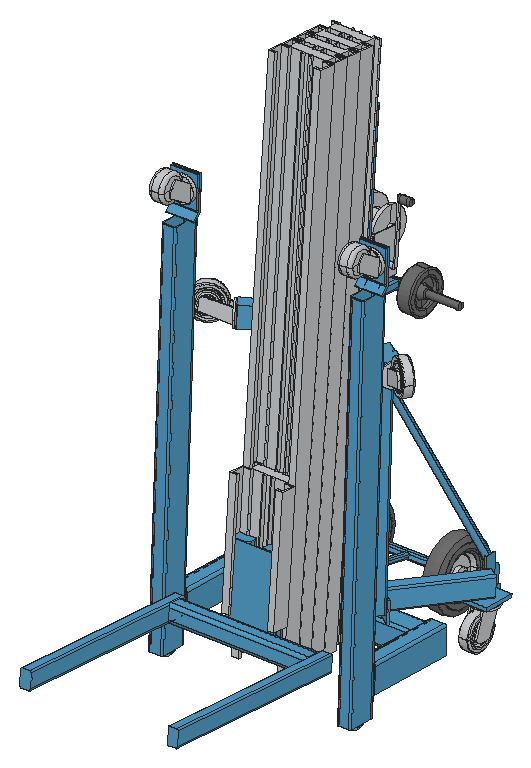
Revit family "Genie_Site_MaterialLifts_SLA25a", category Site, Revit 2018 (continued)
Definition of nested family "MainFrame"
  Automatic sketch dimensions
    Extrusion 16 sketch curve to plane 6 = 76.454 mm
    Extrusion 16 sketch curve to Extrusion 16 sketch curve = 32.937 mm
    Extrusion 16 sketch curve to Extrusion 16 sketch curve = 0.844 mm
    Extrusion 16 sketch curve to Extrusion 16 sketch curve = 25.396 mm
    Extrusion 16 sketch curve to plane 6 = 7.874 mm
    Extrusion 16 sketch curve to plane 9 = 53.038 mm
    Extrusion 16 sketch curve to Extrusion 16 sketch curve = 33.47 mm
    Extrusion 16 sketch curve to Extrusion 16 sketch curve = 0.451 mm
    plane 6 to Extrusion 17 sketch curve = 19.05 mm  (x2)
    plane 5 to Extrusion 17 sketch curve = 44.438 mm
    Extrusion 17 sketch curve to plane 5 = 57.162 mm
    Extrusion 17 sketch curve to plane 4 = 57.162 mm
    plane 4 to Extrusion 17 sketch curve = 44.438 mm
    Extrusion 17 sketch curve to plane 6 = 95.25 mm  (x2)
    plane 9 to Revolve 18 sketch curve = 1.772 mm
    Revolve 18 sketch curve to plane 6 = 85.725 mm
    Revolve 18 sketch curve to Revolve 18 sketch curve = 3.00 mm
    Revolve 18 sketch curve to plane 6 = 38.075 mm
    Revolve 18 sketch curve to Revolve 18 sketch curve = 6.35 mm  (x2)
    Revolve 18 sketch curve to Revolve 18 sketch curve = 0.00 mm
    Revolve 18 sketch curve to Revolve 18 sketch curve = 3.324 mm
    Revolve 18 sketch curve to plane 8 = 0.646 mm
    plane 9 to Revolve 19 sketch curve = 1.772 mm
    Revolve 19 sketch curve to plane 6 = 85.725 mm
    Revolve 19 sketch curve to Revolve 19 sketch curve = 3.00 mm
    Revolve 19 sketch curve to plane 6 = 38.075 mm
    Revolve 19 sketch curve to Revolve 19 sketch curve = 6.35 mm
    Revolve 19 sketch curve to Revolve 19 sketch curve = 12.70 mm
    Revolve 19 sketch curve to Revolve 19 sketch curve = 0.00 mm
    Revolve 19 sketch curve to Revolve 19 sketch curve = 3.324 mm
    Revolve 19 sketch curve to plane 8 = 0.646 mm
    Revolve 20 sketch curve to plane 4 = 23.164 mm
    Revolve 20 sketch curve to plane 6 = 134.733 mm
    plane 4 to Revolve 20 sketch curve = 10.441 mm
    Revolve 20 sketch curve to Revolve 20 sketch curve = 0.00 mm  (x3)
    Revolve 20 sketch curve to Revolve 20 sketch curve = 0.427 mm  (x2)
    plane 4 to Revolve 20 sketch curve = 12.688 mm  (x2)
    Revolve 20 sketch curve to Revolve 20 sketch curve = 10.273 mm  (x2)
    Revolve 20 sketch curve to Revolve 20 sketch curve = 6.114 mm  (x2)
    Revolve 20 sketch curve to Revolve 20 sketch curve = 1.503 mm  (x2)
    Revolve 20 sketch curve to Revolve 20 sketch curve = 6.30 mm  (x2)
    Revolve 20 sketch curve to plane 4 = 0.012 mm
    Revolve 20 sketch curve to Revolve 20 sketch curve = 6.486 mm  (x2)
    Revolve 20 sketch curve to Revolve 20 sketch curve = 6.266 mm  (x2)
    Revolve 20 sketch curve to Revolve 20 sketch curve = 1.50 mm  (x2)
    Revolve 20 sketch curve to Revolve 20 sketch curve = 22.50 mm
    Revolve 20 sketch curve to plane 6 = 5.877 mm
    Revolve 20 sketch curve to Revolve 20 sketch curve = 1.954 mm  (x2)
    Revolve 20 sketch curve to plane 4 = 6.362 mm
    Revolve 20 sketch curve to Revolve 20 sketch curve = 12.70 mm
    Revolve 20 sketch curve to Revolve 20 sketch curve = 4.897 mm
    Revolve 20 sketch curve to Revolve 20 sketch curve = 4.934 mm
    Revolve 20 sketch curve to Revolve 20 sketch curve = 5.00 mm
    Revolve 20 sketch curve to Revolve 20 sketch curve = 25.353 mm
    Revolve 21 sketch curve to plane 5 = 23.164 mm
    Revolve 21 sketch curve to plane 6 = 134.733 mm
    plane 5 to Revolve 21 sketch curve = 10.441 mm
    Revolve 21 sketch curve to Revolve 21 sketch curve = 0.00 mm  (x3)
    Revolve 21 sketch curve to Revolve 21 sketch curve = 0.427 mm  (x2)
    plane 5 to Revolve 21 sketch curve = 12.688 mm
    Revolve 21 sketch curve to Revolve 21 sketch curve = 10.273 mm  (x2)
    Revolve 21 sketch curve to Revolve 21 sketch curve = 6.114 mm  (x2)
    Revolve 21 sketch curve to Revolve 21 sketch curve = 1.503 mm  (x2)
    Revolve 21 sketch curve to Revolve 21 sketch curve = 6.30 mm  (x2)
    Revolve 21 sketch curve to plane 5 = 0.012 mm
    Revolve 21 sketch curve to Revolve 21 sketch curve = 6.486 mm  (x2)
    Revolve 21 sketch curve to Revolve 21 sketch curve = 6.266 mm  (x2)
    Revolve 21 sketch curve to Revolve 21 sketch curve = 1.50 mm  (x2)
    Revolve 21 sketch curve to Revolve 21 sketch curve = 22.50 mm
    Revolve 21 sketch curve to plane 6 = 5.877 mm
    Revolve 21 sketch curve to Revolve 21 sketch curve = 0.745 mm
    Revolve 21 sketch curve to Revolve 21 sketch curve = 0.003 mm
    Revolve 21 sketch curve to Revolve 21 sketch curve = 1.954 mm  (x2)
    Revolve 21 sketch curve to Revolve 21 sketch curve = 4.897 mm
    Revolve 21 sketch curve to plane 5 = 6.362 mm
    Revolve 21 sketch curve to Revolve 21 sketch curve = 4.934 mm
    Revolve 21 sketch curve to Revolve 21 sketch curve = 5.00 mm
    Revolve 21 sketch curve to Revolve 21 sketch curve = 25.353 mm
    plane 3 "Center (Left/Right)" to Sweep 22 sketch curve = 122.652 mm
    plane 10 to Sweep 22 sketch curve = 252.316 mm
    plane 4 to Sweep 22 sketch curve = 7.748 mm
    Sweep 22 sketch curve to plane 6 = 22.496 mm
    profile plane to Sweep 22 sketch curve = 25.575 mm
    Sweep 22 sketch curve to Sweep 22 sketch curve = 6.00 mm  (x3)
    Sweep 22 sketch curve to profile plane = 19.225 mm  (x2)
    level to Sweep 22 sketch curve = 193.793 mm
    Sweep 22 sketch curve to Sweep 22 sketch curve = 64.20 mm
    plane 3 "Center (Left/Right)" to Sweep 23 sketch curve = 122.652 mm
    Sweep 23 sketch curve to plane 10 = 252.316 mm
    Sweep 23 sketch curve to plane 5 = 7.748 mm
    plane 6 to Sweep 23 sketch curve = 22.496 mm
    profile plane to Sweep 23 sketch curve = 25.225 mm
    Sweep 23 sketch curve to Sweep 23 sketch curve = 6.00 mm  (x3)
    Sweep 23 sketch curve to profile plane = 19.575 mm  (x2)
    level to Sweep 23 sketch curve = 193.793 mm
    Sweep 23 sketch curve to Sweep 23 sketch curve = 64.20 mm
    plane 8 to Extrusion 24 sketch curve = 0.00 mm
    Extrusion 24 sketch curve to plane 6 = 6.35 mm
    plane 6 to Extrusion 24 sketch curve = 3.102 mm
    plane 6 to Extrusion 24 sketch curve = 6.35 mm  (x2)
    plane 6 to Extrusion 24 sketch curve = 9.577 mm
    plane 8 to Extrusion 24 sketch curve = 3.175 mm
    plane 6 to Extrusion 24 sketch curve = 15.875 mm
    Extrusion 24 sketch curve to Extrusion 24 sketch curve = 1.624 mm
    Extrusion 24 sketch curve to Extrusion 24 sketch curve = 6.35 mm
    Extrusion 24 sketch curve to Extrusion 24 sketch curve = 28.575 mm
    Extrusion 24 sketch curve to Extrusion 24 sketch curve = 3.227 mm
    Extrusion 24 sketch curve to Extrusion 24 sketch curve = 12.70 mm
    plane 8 to Extrusion 24 sketch curve = 13.122 mm
    Extrusion 24 sketch curve to Extrusion 24 sketch curve = 30.592 mm
    Extrusion 24 sketch curve to Extrusion 24 sketch curve = 38.10 mm
    plane 8 to Extrusion 25 sketch curve = 0.00 mm
    Extrusion 25 sketch curve to plane 6 = 19.05 mm
    plane 6 to Extrusion 25 sketch curve = 19.05 mm
    plane 8 to Extrusion 25 sketch curve = 114.30 mm
    Extrusion 26 sketch curve to plane 8 = 0.00 mm
    Extrusion 26 sketch curve to plane 6 = 19.05 mm
    plane 6 to Extrusion 26 sketch curve = 19.05 mm
    Extrusion 26 sketch curve to Extrusion 26 sketch curve = 114.30 mm
    Extrusion 27 sketch curve to plane 8 = 0.00 mm
    Extrusion 27 sketch curve to plane 6 = 6.35 mm
    plane 6 to Extrusion 27 sketch curve = 3.102 mm
    plane 6 to Extrusion 27 sketch curve = 6.35 mm  (x2)
    plane 6 to Extrusion 27 sketch curve = 9.577 mm
    plane 8 to Extrusion 27 sketch curve = 3.175 mm
    plane 6 to Extrusion 27 sketch curve = 15.875 mm
    Extrusion 27 sketch curve to Extrusion 27 sketch curve = 1.624 mm
    Extrusion 27 sketch curve to Extrusion 27 sketch curve = 6.35 mm
    Extrusion 27 sketch curve to Extrusion 27 sketch curve = 28.575 mm
    Extrusion 27 sketch curve to Extrusion 27 sketch curve = 3.227 mm
    Extrusion 27 sketch curve to Extrusion 27 sketch curve = 12.70 mm
    plane 8 to Extrusion 27 sketch curve = 13.122 mm
    Extrusion 27 sketch curve to Extrusion 27 sketch curve = 30.592 mm
    Extrusion 27 sketch curve to Extrusion 27 sketch curve = 7.508 mm
    Extrusion 28 sketch curve to plane 3 "Center (Left/Right)" = 89.027 mm
    plane 3 "Center (Left/Right)" to Extrusion 28 sketch curve = 88.773 mm
    Extrusion 28 sketch curve to Extrusion 28 sketch curve = 754.931 mm
    plane 3 "Center (Left/Right)" to curve 1 = 66.056 mm
    curve 1 to plane 4 = 31.636 mm
    curve 1 to curve 1 = 827.61 mm
    Sweep 29 sketch curve to profile plane = 0.00 mm  (x2)
    Sweep 30 sketch curve to profile plane = 0.00 mm  (x2)
    plane 10 to Sweep 31 sketch curve = 284.466 mm
    plane 8 to Sweep 31 sketch curve = 336.055 mm
    Sweep 31 sketch curve to Sweep 31 sketch curve = 2.216 mm
    Sweep 31 sketch curve to Sweep 31 sketch curve = 50.752 mm
    Sweep 31 sketch curve to profile plane = 0.00 mm
    profile plane to Sweep 31 sketch curve = 9.525 mm
    profile plane to Sweep 31 sketch curve = 35.654 mm  (x2)
    Sweep 31 sketch curve to Sweep 31 sketch curve = 7.878 mm  (x2)
    Sweep 31 sketch curve to plane 3 "Center (Left/Right)" = 150.732 mm
    Sweep 31 sketch curve to Sweep 31 sketch curve = 5.346 mm  (x2)
    Sweep 31 sketch curve to Sweep 31 sketch curve = 52.572 mm
    Sweep 31 sketch curve to Sweep 31 sketch curve = 2.917 mm  (x2)
    plane 3 "Center (Left/Right)" to Sweep 31 sketch curve = 95.243 mm
    Sweep 31 sketch curve to Sweep 31 sketch curve = 50.143 mm
    Extrusion 2 sketch curve to Extrusion 2 sketch curve = 0.00 mm  (x10)
    Extrusion 2 sketch curve to Extrusion 2 sketch curve = 4.50 mm  (x2)
    Extrusion 2 sketch curve to plane 9 = 66.808 mm  (x2)
    plane 4 to Extrusion 2 sketch curve = 27.238 mm
    radius of Sweep 29 sketch curve = 12.00 mm
    radius of Sweep 30 sketch curve = 12.00 mm
  Nested families
    nested 1: "FoldableLeg" at (-197.487, 271.635, 193.793) x (0.5595, -0.8288, 0) z (0, 0, 1), visible <- "Stowed", type "FoldableLeg"
    nested 2: "FoldableLeg" at (197.487, 271.635, 193.793) x (-0.5595, -0.8288, 0) z (0, 0, 1), visible <- "Stowed", type "FoldableLeg"
    nested 3: "ExtendedLeg" at (197.487, 271.635, 193.793) x (-0.5595, -0.8288, 0) z (0, 0, 1), visible <- "Extended", type "ExtendedLeg"
    nested 4: "ExtendedLeg" at (-197.487, 271.635, 193.793) x (0.5595, -0.8288, 0) z (0, 0, 1), visible <- "Extended", type "ExtendedLeg"
    nested 5: "Family6" at (-349.262, 21.957, 165.35) x (1, 0, 0) z (0, -0.9986, -0.0523), type "Family6"
    nested 6: "Family6" at (349.262, 21.957, 165.35) x (1, 0, 0) z (0, -0.9986, -0.0523), type "Family6"
  Definition of nested family "FoldableLeg"
    Parameters (values of type "FoldableLeg")
      Grey = none
      Default Elevation = 1219.20 mm
      Blue = none
    Reference planes
      plane 1 "Center (Front/Back)": y = 0
      plane 2: z = 0
      plane 3 "Center (Left/Right)": x = 0
    Forms (mm)
      Extrusion 1, solid
        sketch origin (0, 0, 0) x (1, 0, 0) y (0, 1, 0)
          loop
            line (-1219.2, 1219.2) -> (-1219.2, -1219.2) -> (1219.2, -1219.2) -> (1219.2, 1219.2) -> (-1219.2, 1219.2)
        from 0 to -304.8
      Extrusion 2, solid, material <- "Blue"
        sketch origin (0, 0, 0) x (0, 1, 0) y (0, 0, 1)
          loop
            line (-38.1, 76.2) -> (-38.1, 0) -> (38.1, 0) -> (38.1, 76.2) -> (-38.1, 76.2)
        from 26.988 to 33.338
      Extrusion 3, solid, material <- "Blue"
        sketch origin (0, 0, 0) x (1, 0, 0) y (0, 1, 0)
          loop
            line (19.304, 12.708) -> (-19.304, 12.708)
            arc (-19.304, 12.708) -> (-23.615, 10.922) -> (-25.4, 6.612) r 6.096
            line (-25.4, 6.612) -> (-25.4, -31.996)
            arc (-25.4, -31.996) -> (-23.615, -36.307) -> (-19.304, -38.092) r 6.096
            line (-19.304, -38.092) -> (19.304, -38.092)
            arc (19.304, -38.092) -> (23.615, -36.307) -> (25.4, -31.996) r 6.096
            line (25.4, -31.996) -> (25.4, 6.612)
            arc (25.4, 6.612) -> (23.615, 10.922) -> (19.304, 12.708) r 6.096
        from 31.748 to 895.348
      Extrusion 4, solid, material <- "Blue"
        sketch origin (0, 0, 0) x (0, 1, 0) y (0, 0, -1)
          loop
            line (-38.1, -76.2) -> (38.1, -76.2) -> (38.1, 0) -> (-38.1, 0) -> (-38.1, -76.2)
        from 26.988 to 33.338
      Extrusion 5, solid, material <- "Blue"
        sketch origin (0, 0, 0) x (1, 0, 0) y (0, 1, 0)
          loop
            line (-25.4, -44.188) -> (-25.4, -108.196)
            arc (-25.4, -108.196) -> (-23.615, -112.507) -> (-19.304, -114.292) r 6.096
            line (-19.304, -114.292) -> (19.304, -114.292)
            arc (19.304, -114.292) -> (23.615, -112.507) -> (25.4, -108.196) r 6.096
            line (25.4, -108.196) -> (25.4, -44.188)
            arc (25.4, -44.188) -> (23.615, -39.878) -> (19.304, -38.092) r 6.096
            line (19.304, -38.092) -> (-19.304, -38.092)
            arc (-19.304, -38.092) -> (-23.615, -39.878) -> (-25.4, -44.188) r 6.096
        from 819.148 to 895.348
      Extrusion 6, solid, material <- "Grey"
        sketch origin (0, 0, 0) x (1, 0, 0) y (0, 0, 1)
          loop
            circle (0, 857.21) r 44.5
        from 114.292 to 120.642
      Extrusion 7, solid, material <- "Grey"
        sketch origin (0, 0, 0) x (0, 1, 0) y (0, 0, 1)
          loop
            arc (-207.602, 916.158) -> (-218.682, 906.982) -> (-223, 893.259) r 25.4
            line (-223, 893.259) -> (-223.451, 867.863) -> (-120.642, 830.197) -> (-120.642, 884.299) -> (-207.602, 916.158)
        from 16.51 to 22.86
      Extrusion 8, solid, material <- "Grey"
        sketch origin (0, 0, 0) x (0, 1, 0) y (0, 0, -1)
          loop
            line (-207.602, -916.158) -> (-120.642, -884.299) -> (-120.642, -830.197) -> (-223.451, -867.863) -> (-223, -893.259)
            arc (-223, -893.259) -> (-218.682, -906.982) -> (-207.602, -916.158) r 25.4
        from 16.51 to 22.86
      Revolve 9, solid, material <- "Grey"
        sketch origin (0, -197.326, 893.305) x (0, 1, 0) y (-1, 0, 0)
          loop
            line (-44.958, 15.875) -> (-51.079, 15.875)
            arc (-51.079, 15.875) -> (-55.874, 16.012) -> (-60.653, 16.424) r 83.799
            arc (-60.653, 16.424) -> (-62.109, 16.016) -> (-62.863, 14.707) r 2
            arc (-62.863, 14.707) -> (-63.863, 0) -> (-62.863, -14.707) r 108.714
            arc (-62.863, -14.707) -> (-62.109, -16.016) -> (-60.653, -16.424) r 2
            arc (-60.653, -16.424) -> (-55.874, -16.012) -> (-51.079, -15.875) r 83.799
            line (-51.079, -15.875) -> (-44.958, -15.875)
            arc (-44.958, -15.875) -> (-43.898, -15.436) -> (-43.458, -14.375) r 1.5
            line (-43.458, -14.375) -> (-43.458, -12.68)
            arc (-43.458, -12.68) -> (-41.605, -8.204) -> (-37.129, -6.35) r 6.33
            line (-37.129, -6.35) -> (-30.708, -6.35)
            arc (-30.708, -6.35) -> (-26.253, -8.195) -> (-24.408, -12.65) r 6.3
            line (-24.408, -12.65) -> (-24.408, -14.328)
            arc (-24.408, -14.328) -> (-23.955, -15.422) -> (-22.861, -15.875) r 1.547
            line (-22.861, -15.875) -> (-0.265, -15.875) -> (-0.265, 15.875) -> (-22.861, 15.875)
            arc (-22.861, 15.875) -> (-23.955, 15.422) -> (-24.408, 14.328) r 1.547
            line (-24.408, 14.328) -> (-24.408, 12.65)
            arc (-24.408, 12.65) -> (-26.253, 8.195) -> (-30.708, 6.35) r 6.3
            line (-30.708, 6.35) -> (-37.129, 6.35)
            arc (-37.129, 6.35) -> (-41.605, 8.204) -> (-43.458, 12.68) r 6.33
            line (-43.458, 12.68) -> (-43.458, 14.375)
            arc (-43.458, 14.375) -> (-43.898, 15.436) -> (-44.958, 15.875) r 1.5
          axis (-0.265, 16.424) -> (-0.265, -16.424)
        angle from 0 to 360
      Extrusion 10, solid, material <- "Blue"
        sketch origin (0, 0, 0) x (0, 1, 0) y (0, 0, 1)
          loop
            line (12.708, 295.273) -> (12.708, 244.473) -> (63.508, 244.473) -> (63.508, 295.273) -> (12.708, 295.273)
        from 12.7 to 17.463
      Extrusion 11, solid, material <- "Blue"
        sketch origin (0, 0, 0) x (0, 1, 0) y (0, 0, -1)
          loop
            line (12.708, -295.273) -> (63.508, -295.273) -> (63.508, -244.473) -> (12.708, -244.473) -> (12.708, -295.273)
        from 12.7 to 17.463
      Revolve 12, solid, material <- "Blue"
        sketch origin (0, 0, 0) x (0, 1, 0) y (0, 0, 1)
          loop
            line (46.756, 257.837) -> (182.493, 661.053) -> (172.379, 664.458) -> (36.642, 261.242) -> (46.756, 257.837)
          axis (182.493, 661.053) -> (46.756, 257.837)
        angle from 0 to 360
      Sweep 13, solid, material <- "Blue"
        path origin (0, 0, 0) x (0, 1, 0) y (0, 0, 1)
          loop
            line (46.962, 380.336) -> (113.161, 358.051)
        profile origin (0, 80.061, 369.193) x (0, 0.319044, 0.94774) y (1, 0, 0)
          loop
            line (0, -19.4) -> (0, 19.4)
            arc (0, 19.4) -> (-1.757, 23.643) -> (-6, 25.4) r 6
            line (-6, 25.4) -> (-44.8, 25.4)
            arc (-44.8, 25.4) -> (-49.043, 23.643) -> (-50.8, 19.4) r 6
            line (-50.8, 19.4) -> (-50.8, -19.4)
            arc (-50.8, -19.4) -> (-49.043, -23.643) -> (-44.8, -25.4) r 6
            line (-44.8, -25.4) -> (-6, -25.4)
            arc (-6, -25.4) -> (-1.757, -23.643) -> (0, -19.4) r 6
          loop
            line (-3.048, -19.352) -> (-3.048, 19.352)
            arc (-3.048, 19.352) -> (-3.927, 21.473) -> (-6.048, 22.352) r 3
            line (-6.048, 22.352) -> (-44.752, 22.352)
            arc (-44.752, 22.352) -> (-46.873, 21.473) -> (-47.752, 19.352) r 3
            line (-47.752, 19.352) -> (-47.752, -19.352)
            arc (-47.752, -19.352) -> (-46.873, -21.473) -> (-44.752, -22.352) r 3
            line (-44.752, -22.352) -> (-6.048, -22.352)
            arc (-6.048, -22.352) -> (-3.927, -21.473) -> (-3.048, -19.352) r 3
      Sweep 14, solid, material <- "Blue"
        path origin (0, 0, 0) x (0, 1, 0) y (0, 0, 1)
          loop
            line (52.151, 353.477) -> (47.58, 339.9)
        profile origin (0, 49.866, 346.688) x (0, 0.94774, -0.319044) y (1, 0, 0)
          loop
            arc (101.6, 9.05) -> (98.671, 16.121) -> (91.6, 19.05) r 10
            line (91.6, 19.05) -> (10, 19.05)
            arc (10, 19.05) -> (2.929, 16.121) -> (0, 9.05) r 10
            line (0, 9.05) -> (0, -9.05)
            arc (0, -9.05) -> (2.929, -16.121) -> (10, -19.05) r 10
            line (10, -19.05) -> (91.6, -19.05)
            arc (91.6, -19.05) -> (98.671, -16.121) -> (101.6, -9.05) r 10
            line (101.6, -9.05) -> (101.6, 9.05)
    Cuts and joins
      joined: Extrusion 2, Extrusion 3, Extrusion 4, Extrusion 5, Extrusion 10, Extrusion 11, Revolve 12, Sweep 13, Sweep 14
      joined: Extrusion 6, Extrusion 7, Extrusion 8
    Dimensions and locks
      aligned and locked: plane 2 to Extrusion 1
      aligned and locked: level to Extrusion 1
  Definition of nested family "ExtendedLeg"
    Parameters (values of type "ExtendedLeg")
      Grey = none
      Default Elevation = 1219.20 mm
      Blue = none
    Reference planes
      plane 1 "Center (Front/Back)": y = 0
      plane 2: z = 0
      plane 3 "Center (Left/Right)": x = 0
      plane 4: z = 50.866
      plane 5: y = -12.813
    Forms (mm)
      Extrusion 1, solid
        sketch origin (0, 0, 0) x (1, 0, 0) y (0, 1, 0)
          loop
            line (-1219.2, 1219.2) -> (-1219.2, -1219.2) -> (1219.2, -1219.2) -> (1219.2, 1219.2) -> (-1219.2, 1219.2)
        from 0 to -304.8
      Extrusion 2, solid, material <- "Blue"
        sketch origin (0, 0, 0) x (0, 1, 0) y (0, 0, 1)
          loop
            line (-38.1, 76.2) -> (-38.1, 0) -> (38.1, 0) -> (38.1, 76.2) -> (-38.1, 76.2)
        from 26.988 to 33.338
      Extrusion 3, solid, material <- "Blue"
        sketch origin (0, 0, 0) x (0, 1, 0) y (0, 0, -1)
          loop
            line (-38.1, -76.2) -> (38.1, -76.2) -> (38.1, 0) -> (-38.1, 0) -> (-38.1, -76.2)
        from 26.988 to 33.338
      Sweep 4, solid, material <- "Blue"
        path origin (0, -162.382, 72.477) x (0, 0.882948, -0.469472) y (0, 0.469472, 0.882948)
          loop
            line (46.962, 380.336) -> (113.161, 358.051)
        profile origin (0, 81.634, 360.868) x (0, 0.726636, 0.687022) y (1, 0, 0)
          loop
            line (0, -19.4) -> (0, 19.4)
            arc (0, 19.4) -> (-1.757, 23.643) -> (-6, 25.4) r 6
            line (-6, 25.4) -> (-44.8, 25.4)
            arc (-44.8, 25.4) -> (-49.043, 23.643) -> (-50.8, 19.4) r 6
            line (-50.8, 19.4) -> (-50.8, -19.4)
            arc (-50.8, -19.4) -> (-49.043, -23.643) -> (-44.8, -25.4) r 6
            line (-44.8, -25.4) -> (-6, -25.4)
            arc (-6, -25.4) -> (-1.757, -23.643) -> (0, -19.4) r 6
          loop
            line (-3.048, -19.352) -> (-3.048, 19.352)
            arc (-3.048, 19.352) -> (-3.927, 21.473) -> (-6.048, 22.352) r 3
            line (-6.048, 22.352) -> (-44.752, 22.352)
            arc (-44.752, 22.352) -> (-46.873, 21.473) -> (-47.752, 19.352) r 3
            line (-47.752, 19.352) -> (-47.752, -19.352)
            arc (-47.752, -19.352) -> (-46.873, -21.473) -> (-44.752, -22.352) r 3
            line (-44.752, -22.352) -> (-6.048, -22.352)
            arc (-6.048, -22.352) -> (-3.927, -21.473) -> (-3.048, -19.352) r 3
      Sweep 5, solid, material <- "Blue"
        path origin (0, -162.382, 72.477) x (0, 0.882948, -0.469472) y (0, 0.469472, 0.882948)
          loop
            line (52.151, 353.477) -> (47.58, 339.9)
        profile origin (0, 44.407, 355.174) x (0, 0.687022, -0.726636) y (1, 0, 0)
          loop
            arc (101.6, 9.05) -> (98.671, 16.121) -> (91.6, 19.05) r 10
            line (91.6, 19.05) -> (10, 19.05)
            arc (10, 19.05) -> (2.929, 16.121) -> (0, 9.05) r 10
            line (0, 9.05) -> (0, -9.05)
            arc (0, -9.05) -> (2.929, -16.121) -> (10, -19.05) r 10
            line (10, -19.05) -> (91.6, -19.05)
            arc (91.6, -19.05) -> (98.671, -16.121) -> (101.6, -9.05) r 10
            line (101.6, -9.05) -> (101.6, 9.05)
      Extrusion 6, solid, material <- "Blue"
        sketch origin (0, 38.054, 63.679) x (1, 0, 0) y (0, 0, 1)
          loop
            line (19.304, 12.708) -> (-19.304, 12.708)
            arc (-19.304, 12.708) -> (-23.615, 10.922) -> (-25.4, 6.612) r 6.096
            line (-25.4, 6.612) -> (-25.4, -31.996)
            arc (-25.4, -31.996) -> (-23.615, -36.307) -> (-19.304, -38.092) r 6.096
            line (-19.304, -38.092) -> (19.304, -38.092)
            arc (19.304, -38.092) -> (23.615, -36.307) -> (25.4, -31.996) r 6.096
            line (25.4, -31.996) -> (25.4, 6.612)
            arc (25.4, 6.612) -> (23.615, 10.922) -> (19.304, 12.708) r 6.096
        from 31.748 to 895.348
      Extrusion 7, solid, material <- "Blue"
        sketch origin (0, 38.054, 63.679) x (1, 0, 0) y (0, 0, 1)
          loop
            line (-25.4, -44.188) -> (-25.4, -108.196)
            arc (-25.4, -108.196) -> (-23.615, -112.507) -> (-19.304, -114.292) r 6.096
            line (-19.304, -114.292) -> (19.304, -114.292)
            arc (19.304, -114.292) -> (23.615, -112.507) -> (25.4, -108.196) r 6.096
            line (25.4, -108.196) -> (25.4, -44.188)
            arc (25.4, -44.188) -> (23.615, -39.878) -> (19.304, -38.092) r 6.096
            line (19.304, -38.092) -> (-19.304, -38.092)
            arc (-19.304, -38.092) -> (-23.615, -39.878) -> (-25.4, -44.188) r 6.096
        from 819.148 to 895.348
      Extrusion 8, solid, material <- "Grey"
        sketch origin (0, 38.054, 63.679) x (0, 0, 1) y (0, -1, 0)
          loop
            arc (-207.602, 916.158) -> (-218.682, 906.982) -> (-223, 893.259) r 25.4
            line (-223, 893.259) -> (-223.451, 867.863) -> (-120.642, 830.197) -> (-120.642, 884.299) -> (-207.602, 916.158)
        from 16.51 to 22.86
      Extrusion 9, solid, material <- "Grey"
        sketch origin (0, 38.054, 63.679) x (0, 0, 1) y (0, 1, 0)
          loop
            line (-207.602, -916.158) -> (-120.642, -884.299) -> (-120.642, -830.197) -> (-223.451, -867.863) -> (-223, -893.259)
            arc (-223, -893.259) -> (-218.682, -906.982) -> (-207.602, -916.158) r 25.4
        from 16.51 to 22.86
      Revolve 10, solid, material <- "Grey"
        sketch origin (0, -855.251, -133.647) x (0, 0, 1) y (-1, 0, 0)
          loop
            line (-44.958, 15.875) -> (-51.079, 15.875)
            arc (-51.079, 15.875) -> (-55.874, 16.012) -> (-60.653, 16.424) r 83.799
            arc (-60.653, 16.424) -> (-62.109, 16.016) -> (-62.863, 14.707) r 2
            arc (-62.863, 14.707) -> (-63.863, 0) -> (-62.863, -14.707) r 108.714
            arc (-62.863, -14.707) -> (-62.109, -16.016) -> (-60.653, -16.424) r 2
            arc (-60.653, -16.424) -> (-55.874, -16.012) -> (-51.079, -15.875) r 83.799
            line (-51.079, -15.875) -> (-44.958, -15.875)
            arc (-44.958, -15.875) -> (-43.898, -15.436) -> (-43.458, -14.375) r 1.5
            line (-43.458, -14.375) -> (-43.458, -12.68)
            arc (-43.458, -12.68) -> (-41.605, -8.204) -> (-37.129, -6.35) r 6.33
            line (-37.129, -6.35) -> (-30.708, -6.35)
            arc (-30.708, -6.35) -> (-26.253, -8.195) -> (-24.408, -12.65) r 6.3
            line (-24.408, -12.65) -> (-24.408, -14.328)
            arc (-24.408, -14.328) -> (-23.955, -15.422) -> (-22.861, -15.875) r 1.547
            line (-22.861, -15.875) -> (-0.265, -15.875) -> (-0.265, 15.875) -> (-22.861, 15.875)
            arc (-22.861, 15.875) -> (-23.955, 15.422) -> (-24.408, 14.328) r 1.547
            line (-24.408, 14.328) -> (-24.408, 12.65)
            arc (-24.408, 12.65) -> (-26.253, 8.195) -> (-30.708, 6.35) r 6.3
            line (-30.708, 6.35) -> (-37.129, 6.35)
            arc (-37.129, 6.35) -> (-41.605, 8.204) -> (-43.458, 12.68) r 6.33
            line (-43.458, 12.68) -> (-43.458, 14.375)
            arc (-43.458, 14.375) -> (-43.898, 15.436) -> (-44.958, 15.875) r 1.5
          axis (-0.265, 16.424) -> (-0.265, -16.424)
        angle from 0 to 360
      Extrusion 11, solid, material <- "Blue"
        sketch origin (0, 38.054, 63.679) x (0, 0, 1) y (0, 1, 0)
          loop
            line (12.708, -295.273) -> (63.508, -295.273) -> (63.508, -244.473) -> (12.708, -244.473) -> (12.708, -295.273)
        from 12.7 to 17.463
      Extrusion 12, solid, material <- "Grey"
        sketch origin (0, 38.054, -171.321) x (0, -1, 0) y (1, 0, 0)
          loop
            circle (857.21, 0) r 44.5
        from 114.292 to 120.642
      Revolve 13, solid, material <- "Blue"
        sketch origin (0, -385.501, -115.956) x (0, 0.882948, -0.469472) y (0, 0.469472, 0.882948)
          loop
            line (46.756, 257.837) -> (182.493, 661.053) -> (172.379, 664.458) -> (36.642, 261.242) -> (46.756, 257.837)
          axis (182.493, 661.053) -> (46.756, 257.837)
        angle from 0 to 360
      Extrusion 14, solid, material <- "Blue"
        sketch origin (0, 38.054, 63.679) x (0, 0, 1) y (0, -1, 0)
          loop
            line (12.708, 295.273) -> (12.708, 244.473) -> (63.508, 244.473) -> (63.508, 295.273) -> (12.708, 295.273)
        from 12.7 to 17.463
    Cuts and joins
      joined: Extrusion 2, Extrusion 3, Sweep 4, Sweep 5, Extrusion 6, Extrusion 7, Extrusion 11, Revolve 13, Extrusion 14
      joined: Extrusion 8, Extrusion 9, Extrusion 12
    Dimensions and locks
      aligned and locked: plane 2 to Extrusion 1
      aligned and locked: level to Extrusion 1
  Definition of nested family "Family6"
    Parameters (values of type "Family6")
      Grey = none
      Default Elevation = 1219.20 mm
      Blue = none
    Reference planes
      plane 1 "Center (Front/Back)": y = 0
      plane 2: z = 0
      plane 3 "Center (Left/Right)": x = 0
    Forms (mm)
      Extrusion 1, solid
        sketch origin (0, 0, 0) x (1, 0, 0) y (0, 1, 0)
          loop
            line (-1219.2, 1219.2) -> (-1219.2, -1219.2) -> (1219.2, -1219.2) -> (1219.2, 1219.2) -> (-1219.2, 1219.2)
        from 0 to -304.8
      Extrusion 2, solid, material <- "Blue"
        sketch origin (349.157, -22.141, -165.396) x (1, 0, 0) y (0, 1, 0)
          loop
            line (-329.805, 47.572) -> (-368.509, 47.572)
            arc (-368.509, 47.572) -> (-370.63, 46.694) -> (-371.509, 44.572) r 3
            line (-371.509, 44.572) -> (-371.509, -44.932)
            arc (-371.509, -44.932) -> (-370.63, -47.053) -> (-368.509, -47.932) r 3
            line (-368.509, -47.932) -> (-329.805, -47.932)
            arc (-329.805, -47.932) -> (-327.683, -47.053) -> (-326.805, -44.932) r 3
            line (-326.805, -44.932) -> (-326.805, 44.572)
            arc (-326.805, 44.572) -> (-327.683, 46.694) -> (-329.805, 47.572) r 3
          loop
            line (-329.757, 50.62) -> (-368.557, 50.62)
            arc (-368.557, 50.62) -> (-372.799, 48.863) -> (-374.557, 44.62) r 6
            line (-374.557, 44.62) -> (-374.557, -44.98)
            arc (-374.557, -44.98) -> (-372.799, -49.222) -> (-368.557, -50.98) r 6
            line (-368.557, -50.98) -> (-329.757, -50.98)
            arc (-329.757, -50.98) -> (-325.514, -49.222) -> (-323.757, -44.98) r 6
            line (-323.757, -44.98) -> (-323.757, 44.62)
            arc (-323.757, 44.62) -> (-325.514, 48.863) -> (-329.757, 50.62) r 6
        from 19.295 to 1536.945
      Extrusion 3, void
        sketch origin (349.157, -22.141, -165.396) x (0, 1, 0) y (0, 0, 1)
          loop
            line (28.624, 1444.997) -> (28.624, 1536.945) -> (-50.98, 1536.945) -> (-50.98, 1416.295) -> (-0.078, 1416.295) -> (28.624, 1444.997)
        from -415 to -282.47
      Extrusion 4, solid, material <- "Blue"
        sketch origin (349.157, -22.141, -165.396) x (0, 1, 0) y (0, 0, -1)
          loop
            line (1.411, -1424.519) -> (23.861, -1446.969) -> (23.861, -1573.969) -> (28.624, -1573.969) -> (28.624, -1444.997) -> (4.778, -1421.151) -> (1.411, -1424.519)
        from 399.957 to 298.357
      Extrusion 5, solid, material <- "Blue"
        sketch origin (349.157, -22.141, -165.396) x (0, 1, 0) y (0, 0, -1)
          loop
            line (16.241, -1571.429) -> (23.861, -1571.429) -> (23.861, -1455.605) -> (16.241, -1455.605) -> (16.241, -1571.429)
        from 299.881 to 398.433
      Revolve 6, solid, material <- "Grey"
        sketch origin (0, 355.377, 1053.804) x (0, 1, 0) y (0, 0, -1)
          loop
            line (-373.977, -340.037) -> (-361.277, -340.037) -> (-361.277, -294.317) -> (-373.977, -294.317) -> (-373.977, -340.037)
          axis (-361.277, -294.317) -> (-373.977, -294.317)
        angle from 0 to 360
      Revolve 7, solid, material <- "Grey"
        sketch origin (349.262, -90.944, 1386.405) x (0, 1, 0) y (-1, 0, 0)
          loop
            arc (-50.59, 335.928) -> (-47.075, 327.443) -> (-38.59, 323.928) r 12
            line (-38.59, 323.928) -> (0.201, 323.928) -> (0.201, 374.596) -> (-38.59, 374.596)
            arc (-38.59, 374.596) -> (-47.075, 371.081) -> (-50.59, 362.596) r 12
            line (-50.59, 362.596) -> (-50.59, 335.928)
          axis (0.201, 323.928) -> (0.201, 374.596)
        angle from 0 to 360
      Extrusion 8, solid, material <- "Grey"
        sketch origin (349.262, -22.141, -165.396) x (0, 1, 0) y (0, 0, -1)
          loop
            line (3.541, -1478.786) -> (-85.359, -1529.6)
            arc (-85.359, -1529.6) -> (-82.615, -1558.659) -> (-63.134, -1580.395) r 46.634
            line (-63.134, -1580.395) -> (3.541, -1542.285) -> (3.541, -1478.786)
        from 315.944 to 322.297
      Extrusion 9, solid, material <- "Grey"
        sketch origin (-349.262, -22.141, -165.396) x (0, 1, 0) y (0, 0, 1)
          loop
            line (3.541, 1478.786) -> (3.541, 1542.285) -> (-63.134, 1580.395)
            arc (-63.134, 1580.395) -> (-82.615, 1558.659) -> (-85.359, 1529.6) r 46.634
            line (-85.359, 1529.6) -> (3.541, 1478.786)
        from 315.944 to 322.297
      Revolve 10, solid, material <- "Grey"
        sketch origin (0, -22.141, -165.396) x (1, 0, 0) y (0, 0, 1)
          loop
            line (-9.887, 0) -> (9.887, 0)
            arc (9.887, 0) -> (14.13, 1.757) -> (15.887, 6) r 6
            line (15.887, 6) -> (15.887, 44.57) -> (-15.887, 44.57) -> (-15.887, 6)
            arc (-15.887, 6) -> (-14.13, 1.757) -> (-9.887, 0) r 6
          axis (-15.887, 44.57) -> (15.887, 44.57)
        angle from 0 to 360
    Cuts and joins
      Extrusion 3 cuts Extrusion 2
      joined: Extrusion 2, Extrusion 4, Extrusion 5
      joined: Revolve 6, Extrusion 8, Extrusion 9
    Dimensions and locks
      aligned and locked: plane 2 to Extrusion 1
      aligned and locked: level to Extrusion 1
Definition of nested family "Wheel"
  Parameters (values of type "Wheel")
    Silver = none
    Default Elevation = 1219.20 mm
    Blue = none
    Black = none
  Reference planes
    plane 1 "Center (Front/Back)": y = 0
    plane 2: z = 0
    plane 3 "Center (Left/Right)": x = 0
    plane 4: z = 144.801
    plane 5: z = 154.056
    plane 6: z = 111.745
    plane 7: z = 246.837
  Forms (mm)
    Extrusion 1, solid
      sketch origin (0, 0, 0) x (1, 0, 0) y (0, 1, 0)
        loop
          line (-1219.2, 1219.2) -> (-1219.2, -1219.2) -> (1219.2, -1219.2) -> (1219.2, 1219.2) -> (-1219.2, 1219.2)
      from 0 to -304.8
    Extrusion 2, solid, material <- "Silver"
      sketch origin (0, 0, 0) x (0, 1, 0) y (0, 0, 1)
        loop
          arc (60.325, 75.129) -> (28.506, 108.403) -> (-15.875, 120.65) r 86.538
          line (-15.875, 120.65) -> (-53.975, 120.65)
          arc (-53.975, 120.65) -> (-58.465, 118.79) -> (-60.325, 114.3) r 6.35
          line (-60.325, 114.3) -> (-60.325, 0) -> (60.325, 0) -> (60.325, 75.129)
      from 28.321 to 33.083
    Extrusion 3, solid, material <- "Silver"
      sketch origin (0, 0, 0) x (0, 1, 0) y (0, 0, -1)
        loop
          line (60.325, -75.129) -> (60.325, 0) -> (-60.325, 0) -> (-60.325, -114.3)
          arc (-60.325, -114.3) -> (-58.465, -118.79) -> (-53.975, -120.65) r 6.35
          line (-53.975, -120.65) -> (-15.875, -120.65)
          arc (-15.875, -120.65) -> (28.506, -108.403) -> (60.325, -75.129) r 86.538
      from 28.829 to 33.592
    Extrusion 4, solid, material <- "Silver"
      sketch origin (0, 0, 0) x (1, 0, 0) y (0, 0, 1)
        loop
          arc (-57.404, 47.752) -> (-59.559, 46.859) -> (-60.452, 44.704) r 3.048
          line (-60.452, 44.704) -> (-60.452, 6.096)
          arc (-60.452, 6.096) -> (-59.559, 3.941) -> (-57.404, 3.048) r 3.048
          line (-57.404, 3.048) -> (57.404, 3.048)
          arc (57.404, 3.048) -> (59.559, 3.941) -> (60.452, 6.096) r 3.048
          line (60.452, 6.096) -> (60.452, 44.704)
          arc (60.452, 44.704) -> (59.559, 46.859) -> (57.404, 47.752) r 3.048
          line (57.404, 47.752) -> (-57.404, 47.752)
        loop
          line (-63.5, 44.704) -> (-63.5, 6.096)
          arc (-63.5, 6.096) -> (-61.715, 1.785) -> (-57.404, 0) r 6.096
          line (-57.404, 0) -> (57.404, 0)
          arc (57.404, 0) -> (61.715, 1.785) -> (63.5, 6.096) r 6.096
          line (63.5, 6.096) -> (63.5, 44.704)
          arc (63.5, 44.704) -> (61.715, 49.015) -> (57.404, 50.8) r 6.096
          line (57.404, 50.8) -> (-57.404, 50.8)
          arc (-57.404, 50.8) -> (-61.715, 49.015) -> (-63.5, 44.704) r 6.096
      from 85.725 to 244.475
    Extrusion 5, solid, material <- "Silver"
      sketch origin (0, 0, 0) x (1, 0, 0) y (0, 0, 1)
        loop
          line (-66.04, 154.94) -> (-66.04, 50.8) -> (66.04, 50.8) -> (66.04, 165.1) -> (63.5, 165.1) -> (63.5, 53.34) -> (-63.5, 53.34) -> (-63.5, 154.94) -> (-66.04, 154.94)
      from 86.519 to 251.619
    Revolve 6, solid, material <- "Black"
      sketch origin (0, -370.491, 111.745) x (0, 1, 0) y (-1, 0, 0)
        loop
          line (444.5, 170.663) -> (444.5, 111.76) -> (457.2, 111.76) -> (460.345, 123.42) -> (460.345, 160.795) -> (457.2, 170.663) -> (444.5, 170.663)
        axis (444.5, 111.76) -> (444.5, 170.663)
      angle from 0 to 360
    Revolve 7, solid, material <- "Black"
      sketch origin (0, -370.491, 111.745) x (0, 1, 0) y (-1, 0, 0)
        loop
          line (10.16, -146.533) -> (20.32, -146.533) -> (23.338, -137.634) -> (23.338, -111.658) -> (20.313, -102.87) -> (10.16, -102.87) -> (10.16, -146.533)
        axis (10.16, -102.87) -> (10.16, -146.533)
      angle from 0 to 360
    Revolve 8, solid, material <- "Silver"
      sketch origin (0, -370.491, 111.745) x (0, 1, 0) y (-1, 0, 0)
        loop
          line (228.6, 106.68) -> (228.6, -97.79) -> (237.6, -97.79) -> (237.6, 106.68) -> (228.6, 106.68)
        axis (228.6, 106.68) -> (228.6, -97.79)
      angle from 0 to 360
    Extrusion 9, solid, material <- "Silver"
      sketch origin (0, 0, 0) x (0, 1, 0) y (0, 0, 1)
        loop
          arc (-141.891, 116.246) -> (-146.277, 111.86) -> (-141.891, 107.474) r 4.386
          line (-141.891, 107.474) -> (86.709, 107.474) -> (86.709, 116.246) -> (-141.891, 116.246)
      from -111.76 to -106.68
    Extrusion 10, solid, material <- "Silver"
      sketch origin (0, -283.782, 0) x (0, -1, 0) y (0, 0, 1)
        loop
          line (86.709, 116.031) -> (-141.923, 116.031)
          arc (-141.923, 116.031) -> (-145.74, 112.214) -> (-141.923, 108.397) r 3.817
          line (-141.923, 108.397) -> (86.709, 108.397) -> (86.709, 116.031)
      from -102.87 to -97.79
    Revolve 11, solid, material <- "Black"
      sketch origin (0, -77.136, 246.837) x (0, 1, 0) y (-1, 0, 0)
        loop
          line (61.261, 245.199) -> (50.114, 245.199) -> (49.191, 124.231) -> (51.756, 124.231) -> (51.756, -124.225) -> (49.191, -124.225) -> (50.114, -245.199) -> (61.261, -245.199) -> (61.261, 245.199)
        axis (61.261, -245.199) -> (61.261, 245.199)
      angle from 0 to 360
    Revolve 12, solid, material <- "Silver"
      sketch origin (0, -231.427, 144.801) x (0, 1, 0) y (-1, 0, 0)
        loop
          line (76.328, -33.02) -> (0.128, -33.02) -> (0.128, -45.72) -> (76.328, -45.72) -> (76.328, -33.02)
        axis (0.128, -33.02) -> (0.128, -45.72)
      angle from 0 to 360
    Revolve 13, solid, material <- "Silver"
      sketch origin (0, -231.427, 144.801) x (0, 1, 0) y (-1, 0, 0)
        loop
          line (-88.772, 25.4) -> (0.128, 25.4) -> (0.128, 45.72) -> (-88.772, 45.72) -> (-88.772, 25.4)
        axis (0.128, 45.72) -> (0.128, 25.4)
      angle from 0 to 360
    Revolve 14, solid, material <- "Silver"
      sketch origin (0, -275.648, 154.056) x (0, 1, 0) y (-1, 0, 0)
        loop
          line (-0.175, -33.02) -> (37.921, -33.02) -> (37.921, 25.4) -> (-0.175, 25.4) -> (-0.175, -33.02)
        axis (37.921, 25.4) -> (37.921, -33.02)
      angle from 0 to 360
    Revolve 15, solid, material <- "Silver"
      sketch origin (0, -150.891, 111.745) x (0, 1, 0) y (-1, 0, 0)
        loop
          line (59.8, 55.88) -> (9, 55.88) -> (9, 45.72) -> (59.8, 45.72) -> (59.8, 55.88)
        axis (9, 45.72) -> (9, 55.88)
      angle from 0 to 360
    Revolve 16, solid, material <- "Silver"
      sketch origin (0, -150.891, 111.745) x (0, 1, 0) y (-1, 0, 0)
        loop
          line (9, 26.67) -> (9, 45.72) -> (-16.4, 45.72) -> (-16.4, 26.67) -> (9, 26.67)
        axis (9, 45.72) -> (9, 26.67)
      angle from 0 to 360
    Extrusion 17, solid, material <- "Blue"
      sketch origin (0, 0, 0) x (1, 0, 0) y (0, 1, 0)
        loop
          line (63.5, 3.175) -> (-63.5, 3.175) -> (-63.5, -34.925) -> (63.5, -34.925) -> (63.5, 3.175)
      from 237.312 to 230.962
    Extrusion 18, solid, material <- "Blue"
      sketch origin (0, 0, 0) x (1, 0, 0) y (0, 1, 0)
        loop
          arc (-19.304, -3.048) -> (-21.459, -3.941) -> (-22.352, -6.096) r 3.048
          line (-22.352, -6.096) -> (-22.352, -25.654)
          arc (-22.352, -25.654) -> (-21.459, -27.809) -> (-19.304, -28.702) r 3.048
          line (-19.304, -28.702) -> (19.304, -28.702)
          arc (19.304, -28.702) -> (21.459, -27.809) -> (22.352, -25.654) r 3.048
          line (22.352, -25.654) -> (22.352, -6.096)
          arc (22.352, -6.096) -> (21.459, -3.941) -> (19.304, -3.048) r 3.048
          line (19.304, -3.048) -> (-19.304, -3.048)
        loop
          line (19.304, 0) -> (-19.304, 0)
          arc (-19.304, 0) -> (-23.615, -1.785) -> (-25.4, -6.096) r 6.096
          line (-25.4, -6.096) -> (-25.4, -25.654)
          arc (-25.4, -25.654) -> (-23.615, -29.965) -> (-19.304, -31.75) r 6.096
          line (-19.304, -31.75) -> (19.304, -31.75)
          arc (19.304, -31.75) -> (23.615, -29.965) -> (25.4, -25.654) r 6.096
          line (25.4, -25.654) -> (25.4, -6.096)
          arc (25.4, -6.096) -> (23.615, -1.785) -> (19.304, 0) r 6.096
      from 21.412 to 230.962
    Revolve 19, solid, material <- "Silver"
      sketch origin (0, -231.427, 144.801) x (0, 1, 0) y (-1, 0, 0)
        loop
          line (0.113, 63.5) -> (-18.946, 63.5) -> (-18.946, 45.72) -> (0.113, 45.72) -> (0.113, 63.5)
        axis (0.113, 45.72) -> (0.113, 63.5)
      angle from 0 to 360
    Revolve 20, solid, material <- "Silver"
      sketch origin (109.22, -231.427, 144.801) x (0, 1, 0) y (-1, 0, 0)
        loop
          line (0.113, 63.5) -> (-18.946, 63.5) -> (-18.946, 45.72) -> (0.113, 45.72) -> (0.113, 63.5)
        axis (0.113, 45.72) -> (0.113, 63.5)
      angle from 0 to 360
    Revolve 21, solid, material <- "Black"
      sketch origin (0, -52.136, 246.837) x (0, 1, 0) y (-1, 0, 0)
        loop
          line (86.997, 114.94) -> (86.997, 72.148)
          arc (86.997, 72.148) -> (88.169, 69.32) -> (90.997, 68.148) r 4
          line (90.997, 68.148) -> (108.463, 68.148)
          arc (108.463, 68.148) -> (111.292, 69.32) -> (112.463, 72.148) r 4
          line (112.463, 72.148) -> (112.463, 114.948)
          arc (112.463, 114.948) -> (111.292, 117.777) -> (108.463, 118.948) r 4
          line (108.463, 118.948) -> (91.006, 118.948)
          arc (91.006, 118.948) -> (88.171, 117.774) -> (86.997, 114.94) r 4.008
        axis (36.261, 68.148) -> (36.261, 118.948)
      angle from 0 to 360
    Revolve 22, solid, material <- "Black"
      sketch origin (0, -52.136, 246.837) x (0, 1, 0) y (-1, 0, 0)
        loop
          arc (86.997, -114.94) -> (88.171, -117.774) -> (91.006, -118.948) r 4.008
          line (91.006, -118.948) -> (108.463, -118.948)
          arc (108.463, -118.948) -> (111.292, -117.777) -> (112.463, -114.948) r 4
          line (112.463, -114.948) -> (112.463, -72.148)
          arc (112.463, -72.148) -> (111.292, -69.32) -> (108.463, -68.148) r 4
          line (108.463, -68.148) -> (90.997, -68.148)
          arc (90.997, -68.148) -> (88.169, -69.32) -> (86.997, -72.148) r 4
          line (86.997, -72.148) -> (86.997, -114.94)
        axis (36.261, -68.148) -> (36.261, -118.948)
      angle from 0 to 360
    Revolve 23, solid, material <- "Black"
      sketch origin (0, -52.136, 246.837) x (0, 1, 0) y (-1, 0, 0)
        loop
          line (86.997, -99.898) -> (86.997, -87.198) -> (61.629, -87.198) -> (53.895, -65.862) -> (36.261, -65.862) -> (36.261, -121.234) -> (53.895, -121.234) -> (61.629, -99.898) -> (86.997, -99.898)
        axis (36.261, -65.862) -> (36.261, -121.234)
      angle from 0 to 360
    Revolve 24, solid, material <- "Black"
      sketch origin (0, -52.136, 246.837) x (0, 1, 0) y (-1, 0, 0)
        loop
          line (86.997, 99.898) -> (61.629, 99.898) -> (53.895, 121.234) -> (36.261, 121.234) -> (36.261, 65.862) -> (53.895, 65.862) -> (61.629, 87.198) -> (86.997, 87.198) -> (86.997, 99.898)
        axis (36.261, 65.862) -> (36.261, 121.234)
      angle from 0 to 360
  Dimensions and locks
    aligned and locked: plane 2 to Extrusion 1
    aligned and locked: level to Extrusion 1
Definition of nested family "Error Mark"
  Reference planes
    plane 1 "Center (Front/Back)": y = 0
    plane 2: z = 0
    plane 3 "Center (Left/Right)": x = 0
  Forms (mm)
    Revolve 1, solid
      sketch origin (0, 0, 100) x (1, 0, 0) y (0, 0, 1)
        loop
          arc (0, 109.705) -> (-54.852, 54.852) -> (0, 0) r 54.852
          line (0, 0) -> (0, 109.705)
        loop
          arc (-53.679, 966.833) -> (-54.621, 964.467) -> (-55.149, 961.975) r 15
          arc (-55.149, 961.975) -> (-72.823, 599.913) -> (-36.099, 239.285) r 2414.757
          arc (-36.099, 239.285) -> (-34.235, 234.27) -> (-30.728, 230.227) r 15
          arc (-30.728, 230.227) -> (-16.288, 222.194) -> (0, 219.41) r 49.074
          line (0, 219.41) -> (0, 1000)
          arc (0, 1000) -> (-31.549, 991.039) -> (-53.679, 966.833) r 60.021
        axis (0, 1000) -> (0, 0)
      angle from 0 to 360
  Text (mm)
    text "Alert Text" at (-1.822, 0, 300.028), in view "Back"
    text "Alert Text" at (0, 1.166, 299.9), in view "Right"
  Dimensions and locks
    aligned and locked: level to plane 2
